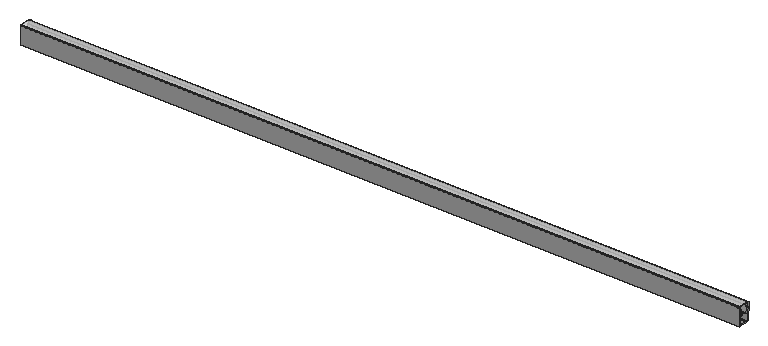
Revit family "2093120 Sylvania Lighting Fixture MC2 3-6M 4K DALIEM WHT OPAL Recessed", category Lighting Fixtures, host Face, Revit 2016
Family settings
  Host = Face
  Part Type = Normal
  Round Connector Dimension = Use Diameter
  OmniClass Number = 23.80.70.11.17
  OmniClass Title = Specialized Lighting by Location or Use
  Cut with Voids When Loaded = No
  Light Source = Yes
  Shared = No
  Room Calculation Point = No
Parameters (values of type "2093120 MC2 3.6M 4K DALIEM WHT OPAL Recessed Emergency mode")
  Width_SYL = 54.0 mm
  Weight = "7.8 kg"
  Wattage = 66 W
  WarrantyStartDate [instance] = "n/a"
  WarrantyGuarantorParts = "n/a"
  WarrantyDurationUnit = "n/a"
  WarrantyDurationParts = "n/a"
  WarrantyDescription = "n/a"
  built-in parameter 1150110 = 1 (stored number, unit not read)
  Voltage = 0 V
  VoidLengthRight_SYL [instance] = if(EndCapRight_SYL, Length_SYL / 2 + 2.0 mm, Length_SYL / 2)  # 1800.0 mm
  VoidLengthLeft_SYL [instance] = if(EndCapLeft_SYL, Length_SYL / 2 + 2.0 mm, Length_SYL / 2)  # 1800.0 mm
  URL = "http://www.sylvania-lighting.com"
  TypeName = "MC2 3.6M 4K DALIEM WHT OPAL Recessed Emergency mode"
  built-in parameter 1114217 = 1 (stored number, unit not read)
  Tilt Angle = -90.00°
  built-in parameter 1150109 = 1 (stored number, unit not read)
  built-in parameter 1150134 = 12
  built-in parameter 1150113 = 1 (stored number, unit not read)
  SerialNumber [instance] = "n/a"
  PowerFactor = 0.98
  PowerConsumption = "66 W"
  NominalWidth = 0.0 mm
  NominalLength = 3600.0 mm
  NominalHeight = 86.0 mm
  Name = "MC2 3.6M 4K DALIEM WHT OPAL Recessed Emergency mode"
  ModelReference = "MC2 3.6M 4K DALIEM WHT OPAL Recessed Emergency mode"
  ModelNumber = "2093120"
  Material_3_SYL = Metal_Sylvania_Mini Contiuum II_Silver
  Photometric Web File = "2093120EM.ies"
  Material_4_SYL = Metal_Sylvania_Mini Contiuum II_Silver
  Material = "aluminium housing, polycarbonate diffuser"
  ManufacturerName = "Feilo Sylvania"
  LuminousEfficacy = "1.833 lm/W"
  LuminaireType = ""
  LightOutputRatio = "100"
  Length_SYL = 3600.0 mm
  LampsType = Lamp  # "LED"
  LampNominalLuminous = "121 lm"
  LampMacAdamStep = "3"
  LampColourTemperature = "4000 K"
  LampColourRenderingIndex = "80"
  Keynote = "16500"
  InstallationDate [instance] = "n/a"
  InputVoltage = "n/a"
  InputNominalFrequency = "n/a"
  IngressProtection = "IP20"
  ImpactProtectionIndex = "n/a"
  IfcExportType = "IfcLightFixtureType"
  IfcExportAs = "IfcLightFixtureType"
  Height_SYL = 86.0 mm
  ExpectedLife = 50000
  EndCapRight_SYL [instance] = no
  EndCapLeft_SYL [instance] = no
  Emit from Rectangle Width = Width_SYL - 2.0 mm  # 52.0 mm
  Emit from Rectangle Length = Length_SYL  # 3600.0 mm
  Emit Shape Visible in Rendering = no
  ElectricShockClassification = "Class I"
  DurationUnit = "hours"
  DocumentationLiterature = "http://www.sylvania-lighting.com/product/en-int/products/2093120"
  DimmingControlOptions = "n/a"
  CreatedOn = "10/15/2018"
  CreatedBy = "@sylvania-lighting.com"
  built-in parameter 1114216 [instance] = 1 (stored number, unit not read)
  Model = "MC2 3.6M 4K DALIEM WHT OPAL Recessed Emergency mode"
  Manufacturer = "Feilo Sylvania"
  built-in parameter 1150105 = 9.6289 (stored number, unit not read)
  Lumens = 121 lm
  built-in parameter 1150115 = 1 (stored number, unit not read)
  built-in parameter 1150137 = (empty or 0)
  built-in parameter 1150139 = (empty or 0)
  built-in parameter 1150112 = 1 (stored number, unit not read)
  built-in parameter 1150114 = 1 (stored number, unit not read)
  Lamp = "LED"
  built-in parameter 1150132 = 2
  built-in parameter 1150102 = (empty or 0)
  built-in parameter 1150107 = 4000 (stored number, unit not read)
  built-in parameter 1150138 = (empty or 0)
  built-in parameter 1150106 = 0.096289 (stored number, unit not read)
  Material_1_SYL = Metal_Sylvania_Mini Continuum II_White
  built-in parameter 1150104 = 0.17032 (stored number, unit not read)
  Dimming Lamp Color Temperature Shift = <None>
  Material_2_SYL = Polycarbonate_Sylvania_Mini Continuum II_Opal_4000K
  Description = "2093120   MC2 3.6M 4K DALIEM WHT OPAL  Continuous lines of LED light, white RAL 9016, direct distribution, trimless detail for a seamless finish, suitable for recessed, semi-recessed, surface-mounted or suspended installation either horizontally or vertically, various accessories available, compact and minimalist design based on the Golden Mean, ideal for offices, meeting rooms, corridors, education facilities, museums and libraries, extruded aluminium body, diffuser: opal, colour temperature: 4000K neutral white, total system power: 66W, total fixture output: 6621lm, luminaire efficacy: 100lm/W, LOR: 100%, colour rendering: Ra >80, LED Chromacity: 1 step MacAdam ellipse, lifetime: 60,000 hours at 90% of the original output (L90), energy class: A++, A+, A, IR/UV free light source without heat radiation, operating voltage: 220-240V / 50-60Hz, drive current: 800mA, electronic driver, DALI dimmable, integral emergency: 3 hour maintained, electrical protection: CLASS I, IP20, suitable for internal environment only."
  Default Elevation = 0.0 mm
  Color Filter = 16777215
  built-in parameter 1140040 [instance] = 1
  BarCode [instance] = "n/a"
  built-in parameter 1114218 = 1 (stored number, unit not read)
  built-in parameter 1150133 = 10 (stored number, unit not read)
  AssetType = "Fixed"
  AssetIdentifier [instance] = "n/a"
  Assembly Code = "D5020200"
  Apparent Load = 66 VA
Types (2, lengths in mm): name | TypeName | Name | ModelReference | Photometric Web File | LuminousEfficacy | LampNominalLuminous | Model | built-in parameter 1150105 | Lumens | built-in parameter 1150106 | built-in parameter 1150104
  2093120 MC2 3.6M 4K DALIEM WHT OPAL Recessed Emergency mode | "MC2 3.6M 4K DALIEM WHT OPAL Recessed Emergency mode" | "MC2 3.6M 4K DALIEM WHT OPAL Recessed Emergency mode" | "MC2 3.6M 4K DALIEM WHT OPAL Recessed Emergency mode" | "2093120EM.ies" | "1.833 lm/W" | "121 lm" | "MC2 3.6M 4K DALIEM WHT OPAL Recessed Emergency mode" | 9.6289 (stored number, unit not read) | 121 lm | 0.096289 (stored number, unit not read) | 0.17032 (stored number, unit not read)
  2093120 MC2 3.6M 4K DALIEM WHT OPAL Recessed | "MC2 3.6M 4K DALIEM WHT OPAL Recessed" | "MC2 3.6M 4K DALIEM WHT OPAL Recessed" | "MC2 3.6M 4K DALIEM WHT OPAL Recessed" | "2093120.ies" | "106 lm/W" | "7020 lm" | "MC2 3.6M 4K DALIEM WHT OPAL Recessed" | 556.72 (stored number, unit not read) | 6996 lm | 5.5672 (stored number, unit not read) | 9.8477 (stored number, unit not read)
Reference planes
  plane 1 "Center (Front/Back)": y = 0
  plane 2 "Bottom Fixtures": z = 0
  plane 3 "Center (Left/Right)": x = 0
  plane 4 "Fixture Left": x = -1800
  plane 5 "Fixture Right": x = 1800
  plane 6 "Fixture Bottom": z = 0
  plane 7: z = -2
  plane 8: z = -4
  plane 9: z = -13.049
  plane 10: z = -43.049
  plane 11 "Fixture Top": z = -86
  plane 12 "Mounting Right": x = 1772
  plane 13 "Mounting Left": x = -1772
  plane 14: z = -121
  plane 15: y = 27
  plane 16: y = -27
  plane 17: y = -26
  plane 18: y = -25
  plane 19: y = 26
  plane 20: y = 25
  plane 21: y = 11
  plane 22: y = -11
  plane 23: y = 24
  plane 24: y = 22
  plane 25: y = -22
  plane 26: y = 15
  plane 27: y = -15
  plane 28 "Upper Diffuser Left": x = -1650
  plane 29 "Upper Diffuser Right": x = 1650
  plane 30: x = -1802
  plane 31: x = 1802
  plane 32: x = -1800
  plane 33: x = 1800
Forms (mm)
  Extrusion 1, solid, material "Metal_Sylvania_Mini Continuum II_White" <- "Material_1_SYL", detail levels fine
    sketch origin (0, 0, 520) x (0, 1, 0) y (0, 0, 1)
      loop
        line (27, -520) -> (26, -520) -> (26, -522) -> (25, -522) -> (25, -604) -> (13, -604) -> (13, -602) -> (-13, -602) -> (-13, -604) -> (-25, -604) -> (-25, -522) -> (-26, -522) -> (-26, -520) -> (-27, -520) -> (-27, -606) -> (-11, -606) -> (-11, -604) -> (11, -604) -> (11, -606) -> (27, -606) -> (27, -520)
    from -1800 to 1800
  Extrusion 2, solid, material "Polycarbonate_Sylvania_Mini Continuum II_Opal_4000K" <- "Material_2_SYL", detail levels fine
    sketch origin (0, 0, 520) x (0, 1, 0) y (0, 0, 1)
      loop
        line (-26, -520) -> (-26, -522) -> (26, -522) -> (26, -520) -> (-26, -520)
    from -1800 to 1800
  Extrusion 3, solid, material "Metal_Sylvania_Mini Contiuum II_Silver" <- "Material_3_SYL", detail levels fine
    sketch origin (0, 0, 520) x (0, 1, 0) y (0, 0, 1)
      loop
        line (22, -533.049) -> (20.973, -533.049) -> (14.206, -562.049) -> (11, -562.049) -> (11, -563.049) -> (15, -563.049) -> (22, -533.049)
      loop
        line (-15, -563.049) -> (-11, -563.049) -> (-11, -562.049) -> (-14.206, -562.049) -> (-20.973, -533.049) -> (-22, -533.049) -> (-15, -563.049)
    from -1800 to 1800
  Extrusion 4, solid, material "Metal_Sylvania_Mini Continuum II_White" <- "Material_1_SYL", detail levels coarse+medium
    sketch origin (0, 0, 520) x (0, 1, 0) y (0, 0, 1)
      loop
        line (-27, -520) -> (-27, -606) -> (27, -606) -> (27, -520) -> (-27, -520)
    from -1800 to 1800
  Extrusion 5, solid, material "Metal_Sylvania_Mini Continuum II_White" <- "Material_1_SYL", visible <- "EndCapLeft_SYL"
    sketch origin (-1800, 171.684, 1219.2) x (0, 1, 0) y (0, 0, 1)
      loop
        line (-198.684, -1305.2) -> (-144.684, -1305.2) -> (-144.684, -1219.2) -> (-198.684, -1219.2) -> (-198.684, -1305.2)
    from 0 to -2
  Extrusion 6, solid, material "Metal_Sylvania_Mini Continuum II_White" <- "Material_1_SYL", visible <- "EndCapRight_SYL"
    sketch origin (1800, 171.684, 1219.2) x (0, 1, 0) y (0, 0, -1)
      loop
        line (-144.684, 1219.2) -> (-144.684, 1305.2) -> (-198.684, 1305.2) -> (-198.684, 1219.2) -> (-144.684, 1219.2)
    from 0 to -2
  Extrusion 7, void
    sketch origin (0, 0, 0) x (1, 0, 0) y (0, 1, 0)
      loop
        line (-1800, 27) -> (-1800, -27) -> (1800, -27) -> (1800, 27) -> (-1800, 27)
    from 0 to -86
Lines and regions (mm)
  Masking region 1
    outline origin (0, 0, -86) x (-1, 0, 0) y (0, -1, 0)
      loop
        line (1800, -27) -> (1800, 27) -> (-1800, 27) -> (-1800, -27) -> (1800, -27)
  symbolic lines, detail levels fine
    curve 1: line (-1800, 26, -86) -> (1800, 26, -86)
    curve 2: line (-1800, -26, -86) -> (1800, -26, -86)
Dimensions and locks
  host sketch curve to plane 3 "Center (Left/Right)" to host sketch curve = 820.0 mm, 775.047 mm
  equal spacing: plane 4 "Fixture Left", plane 3 "Center (Left/Right)", plane 5 "Fixture Right"
  "Length_SYL": plane 4 "Fixture Left" to plane 5 "Fixture Right"
  plane 6 "Fixture Bottom" to plane 7 to plane 8 to plane 9 to plane 10 = 2.0 mm locked, 2.0 mm locked, 9.049 mm locked, 30.0 mm locked
  locked: Extrusion 1 sketch curve to Extrusion 1 sketch curve at 2
  locked: Extrusion 1 sketch curve to plane 11 "Fixture Top" at 2
  "Height_SYL": plane 6 "Fixture Bottom" to plane 11 "Fixture Top"
  locked: plane 12 "Mounting Right" to plane 5 "Fixture Right" at 28
  locked: plane 4 "Fixture Left" to plane 13 "Mounting Left" at 28
  locked: plane 11 "Fixture Top" to plane 14 at 35
  plane 6 "Fixture Bottom" to plane 2 "Bottom Fixtures" = 0.0 mm
  equal spacing: plane 15, plane 1 "Center (Front/Back)", plane 16
  "Width_SYL": plane 15 to plane 16
  plane 22 to plane 27 to plane 25 to plane 18 to plane 17 to plane 16 = 4.0 mm locked, 7.0 mm locked, 3.0 mm locked, 1.0 mm locked, 1.0 mm locked
  plane 15 to plane 19 to plane 20 to plane 23 to plane 24 to plane 26 to plane 21 = 1.0 mm locked, 1.0 mm locked, 1.0 mm locked, 2.0 mm locked, 7.0 mm locked, 4.0 mm locked
  locked: plane 4 "Fixture Left" to plane 28 "Upper Diffuser Left" at 150
  locked: plane 29 "Upper Diffuser Right" to plane 5 "Fixture Right" at 150
  equal spacing: plane 30, plane 3 "Center (Left/Right)", plane 31
  locked: plane 30 to plane 4 "Fixture Left" at 2
  plane 3 "Center (Left/Right)" to plane 33 = 1800.0 mm
  "VoidLengthLeft_SYL": plane 32 to plane 3 "Center (Left/Right)"
  "VoidLengthRight_SYL": plane 3 "Center (Left/Right)" to plane 33
  aligned and locked: plane 2 "Bottom Fixtures" to host face
  aligned and locked: level to host face
  aligned and locked: plane 5 "Fixture Right" to curve 1
  aligned and locked: plane 4 "Fixture Left" to curve 1
  aligned and locked: plane 4 "Fixture Left" to curve 2
  aligned and locked: plane 5 "Fixture Right" to curve 2
  aligned and locked: Extrusion 1 sketch curve to plane 7
  aligned and locked: plane 6 "Fixture Bottom" to Extrusion 1 sketch curve  (x2)
  aligned and locked: plane 7 to Extrusion 1 sketch curve
  aligned and locked: Extrusion 1 to Extrusion 2 sketch curve
  aligned and locked: Extrusion 2 sketch curve to Extrusion 1  (x3)
  aligned and locked: Extrusion 3 sketch curve to plane 10
  aligned and locked: plane 9 to Extrusion 3 sketch curve
  aligned and locked: Extrusion 3 sketch curve to plane 9
  aligned and locked: Extrusion 4 sketch curve to plane 6 "Fixture Bottom"
  aligned and locked: Extrusion 4 to plane 4 "Fixture Left"
  aligned and locked: Extrusion 2 to plane 4 "Fixture Left"
  aligned and locked: Extrusion 3 to plane 4 "Fixture Left"
  aligned and locked: Extrusion 1 to plane 4 "Fixture Left"
  aligned and locked: Extrusion 4 to plane 5 "Fixture Right"
  aligned and locked: Extrusion 2 to plane 5 "Fixture Right"
  aligned and locked: Extrusion 3 to plane 5 "Fixture Right"
  aligned and locked: Extrusion 1 to plane 5 "Fixture Right"
  aligned and locked: plane 11 "Fixture Top" to Extrusion 4 sketch curve
  aligned and locked: Extrusion 1 sketch curve to plane 11 "Fixture Top"  (x2)
  aligned and locked: Extrusion 1 sketch curve to Extrusion 1 sketch curve
  aligned and locked: plane 6 "Fixture Bottom" to imposter light
  aligned and locked: plane 21 to Extrusion 3 sketch curve
  aligned and locked: plane 22 to Extrusion 3 sketch curve
  aligned and locked: Extrusion 5 sketch curve to Extrusion 4  (x4)
  aligned and locked: Extrusion 5 to plane 30
  aligned and locked: plane 4 "Fixture Left" to Extrusion 5
  aligned and locked: Extrusion 6 sketch curve to Extrusion 4  (x4)
  aligned and locked: plane 31 to Extrusion 6
  aligned and locked: plane 5 "Fixture Right" to Extrusion 6
  aligned and locked: Extrusion 7 sketch curve to Extrusion 5
  aligned and locked: Extrusion 7 sketch curve to Extrusion 6
  aligned and locked: Extrusion 7 to level
  aligned and locked: Extrusion 7 to plane 2 "Bottom Fixtures"
  aligned and locked: Extrusion 7 to plane 32
  aligned and locked: plane 33 to Extrusion 7
  aligned and locked: imposter light to plane 1 "Center (Front/Back)"
  aligned and locked: plane 3 "Center (Left/Right)" to imposter light
  aligned and locked: Extrusion 7 to Extrusion 1
Automatic sketch dimensions
  host sketch curve to host sketch curve = 1047.463 mm
  plane 19 to curve 1 = 0.0 mm
  curve 2 to plane 17 = 0.0 mm
  Masking region 1 sketch curve to plane 5 "Fixture Right" = 0.0 mm
  Masking region 1 sketch curve to plane 4 "Fixture Left" = 0.0 mm
  plane 15 to Masking region 1 sketch curve = 0.0 mm
  Masking region 1 sketch curve to plane 16 = 0.0 mm
  Extrusion 1 sketch curve to plane 16 = 0.0 mm
  Extrusion 1 sketch curve to plane 17 = 0.0 mm
  Extrusion 1 sketch curve to plane 18 = 0.0 mm
  Extrusion 1 sketch curve to plane 22 = 0.0 mm
  Extrusion 1 sketch curve to plane 21 = 0.0 mm
  Extrusion 1 sketch curve to plane 20 = 0.0 mm
  Extrusion 1 sketch curve to plane 19 = 0.0 mm
  Extrusion 1 sketch curve to plane 15 = 0.0 mm
  plane 11 "Fixture Top" to Extrusion 1 sketch curve = 2.0 mm
  Extrusion 1 sketch curve to plane 22 = 2.0 mm
  Extrusion 1 sketch curve to plane 21 = 2.0 mm
  Extrusion 3 sketch curve to plane 25 = 0.0 mm
  Extrusion 3 sketch curve to plane 27 = 0.0 mm
  Extrusion 3 sketch curve to plane 26 = 0.0 mm
  Extrusion 3 sketch curve to plane 24 = 0.0 mm
  plane 10 to Extrusion 3 sketch curve = 1.0 mm
  Extrusion 3 sketch curve to Extrusion 3 sketch curve = 1.027 mm
  plane 27 to Extrusion 3 sketch curve = 0.794 mm
  plane 26 to Extrusion 3 sketch curve = 0.794 mm
  plane 24 to Extrusion 3 sketch curve = 1.027 mm
  Extrusion 4 sketch curve to plane 16 = 0.0 mm
  Extrusion 4 sketch curve to plane 15 = 0.0 mm
  Extrusion 3 sketch curve to Extrusion 3 sketch curve = 0.0 mm
  Extrusion 3 sketch curve to plane 10 = 0.0 mm
  plane 30 to Extrusion 7 sketch curve = 2.0 mm
  Extrusion 7 sketch curve to plane 31 = 2.0 mm
Connectors
  electrical at (1800, 0, -51), driven by "Apparent Load"
    settings: on Extrusion 1, index 1, voltage 230 V, apparent load 0 VA, apparent load phase1 66 VA, apparent load phase2 0 VA, apparent load phase3 0 VA, power factor 1, load classification "Lighting", number of poles 1, system type 31, power factor state 1, is connector primary yes, connector utility no, sub classification motor no, connector description ""
